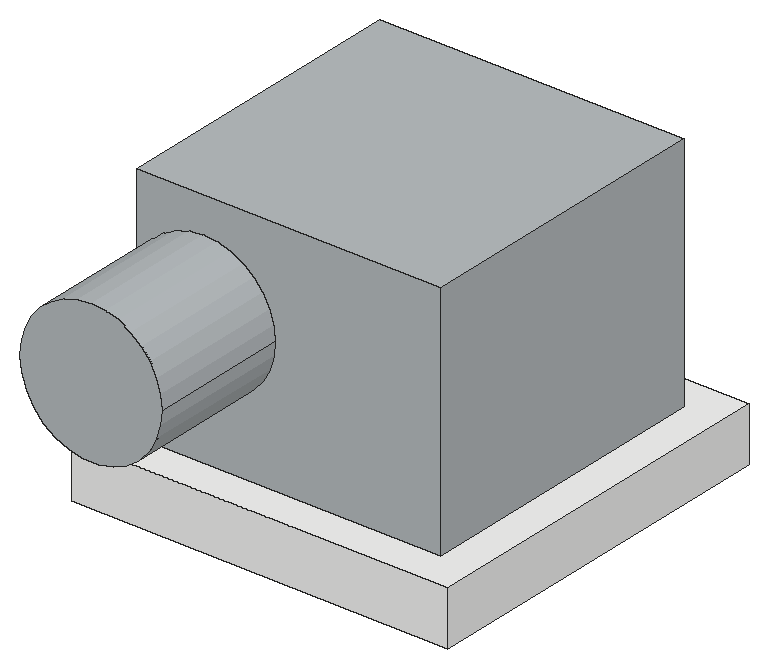
Revit family "vd-15_20zx(p)14-fp_60Hz", category 機械設備, Revit 2019
Family settings
  丸型コネクタ寸法 = 直径を使用
  パーツ タイプ = 標準
  OmniClass 番号 = 23.75.35.17.27
  OmniClass タイトル = Centrifugal Fans
  作業面ベース = いいえ
  常に垂直 = はい
  ロード時にボイドで切り取り = いいえ
  共有 = いいえ
  部屋計算ポイント = はい
Parameters (values of type "VD-20ZXP14-FP")
  騒音レベル(dB(A)) [instance] = 41.5
  風量 [instance] = 500.0 m³/h
  電源種別 [instance] = ""
  電圧 = 100 V
  電動機出力 = 0 W
  電動機_種別 [instance] = ""
  運転質量 = 0.00 kg
  連動 [instance] = ""
  質量 = if(製品質量 > 運転質量, 製品質量, 運転質量) * 1.2  # 7.08 kg
  負荷分類 = 3_ファン類
  説明 = "ダクト用換気扇 低騒音形 フラットインテリアタイプ"
  設計風量 [instance] = 0.0 m³/h
  設置方法 = "天埋"
  記号 [instance] = ""
  製造元 = "三菱電機株式会社"
  製品質量 = 5.90 kg
  製品出荷対象 = "国内"
  製品リリース年月 = "2024年6月3日"
  製品グループ = ""
  系統 [instance] = ""
  符号 [instance] = if(☑給気／□排気, "FS", "FE")  # "FE"
  積算_科目 = "2 換気設備"
  積算_拾い区分 [instance] = ""
  相 = 1
  盤記号 [instance] = ""
  発停方法 [instance] = ""
  特殊仕様 [instance] = ""
  火災停止 [instance] = ""
  消費電力 = 64.5 W
  法定耐用年数 = "15"
  機外静圧 [instance] = 0.0 Pa
  極数 = 2
  材質 [instance] = ""
  操作・制御方式 = ""
  操作・制御スイッチ = ""
  排気量 [instance] = if(☑給気／□排気, 0.0 m³/h, 設計風量)  # 0.0 m³/h
  形式 = "天井埋込ダクト形"
  幹線記号 [instance] = ""
  対象室 [instance] = ""
  実風量 [instance] = 0.0 m³/h
  始動方式 [instance] = "直入"
  外気量 [instance] = if(☑給気／□排気, 設計風量, 0.0 m³/h)  # 0.0 m³/h
  呼称 = "天井扇"
  周波数 = 60 Hz
  参照している仕様書等のバージョン = ""
  分類コード = "50052503100030"
  分類グループ = ""
  価格 = 66000
  企業コード = "108420"
  付属品_防振装置 = ""
  付属品 [instance] = ""
  仕様書バージョン = "Version1.0"
  モデル = "VD-20ZXP14-FP"
  マテリアル = 鋼板
  ファンの種類 = ""
  ダクト径 = 150 mm
  コメント [instance] = ""
  Keynote = ""
  カバーマテリアル = 合成樹脂(白)
  ☑給気／□排気 [instance] = no
  Width = 307 mm
  W1 = 380 mm
  Version = ""
  Uniclass2015Version = "Systems v1.9"
  Uniclass2015Title = "Centrifugal fans"
  Uniclass2015Code = "Pr_65_67_29_12"
  URL = "https://www.mitsubishielectric.co.jp/ldg/wink/qr/002/333536/"
  SpecificationReference = ""
  SpecificationDescription = ""
  Revision = ""
  ProductInformation = ""
  OmniClassCode = "23-33 31 19 11 15"
  MIN風量 = 380.0 m³/h
  MIN静圧 = 0.0 Pa
  MID風量 = 0.0 m³/h
  MID静圧 = 0.0 Pa
  MAX風量 = 500.0 m³/h
  MAX静圧 = 0.0 Pa
  IfcTypeProduct = ""
  IfcProduct = ""
  IfcExportType = "PROPELLORAXIAL"
  IfcExportAs = "IfcFanType"
  Height = 243 mm
  H1 = 55 mm
  EAサイズ_D = 144 mm
  Duct_Height = 135 mm
  Duct_Depth = 142 mm
  Duct_Center = 86 mm
  Depth = 307 mm
  D1 = 380 mm
  Author = "三菱電機株式会社"
Types (6, lengths in mm): name | 騒音レベル(dB(A)) | 風量 | 質量 | 製品質量 | 消費電力 | 価格 | モデル | ダクト径 | Width | W1 | URL | MIN風量 | MAX風量 | Height | H1 | EAサイズ_D | Duct_Height | Duct_Depth | Duct_Center | Depth | D1
  VD-15ZX14-FP | 26 | 155.0 m³/h | 4.56 kg | 3.80 kg | 14 W | 33100 | "VD-15ZX14-FP" | 100 | 251 | 330 | "https://www.mitsubishielectric.co.jp/ldg/wink/qr/002/333636/" | 0.0 m³/h | 155.0 m³/h | 204 | 46 | 98 | 111 | 114 | 0 | 251 | 330
  VD-15ZXP14-FP | 33 | 210.0 m³/h | 4.56 kg | 3.80 kg | 22.5 W | 38900 | "VD-15ZXP14-FP" | 100 | 251 | 330 | "https://www.mitsubishielectric.co.jp/ldg/wink/qr/002/333638/" | 0.0 m³/h | 210.0 m³/h | 204 | 46 | 98 | 111 | 114 | 0 | 251 | 330
  VD-18ZX14-FP | 30 | 300.0 m³/h | 5.88 kg | 4.90 kg | 28.5 W | 47700 | "VD-18ZX14-FP" | 150 | 270 | 330 | "https://www.mitsubishielectric.co.jp/ldg/wink/qr/002/333665/" | 0.0 m³/h | 300.0 m³/h | 243 | 46 | 144 | 135 | 142 | 67 | 270 | 330
  VD-18ZXP14-FP | 33 | 350.0 m³/h | 6.72 kg | 5.60 kg | 40 W | 51500 | "VD-18ZXP14-FP" | 150 | 307 | 380 | "https://www.mitsubishielectric.co.jp/ldg/wink/qr/002/333508/" | 0.0 m³/h | 350.0 m³/h | 243 | 55 | 144 | 135 | 142 | 86 | 307 | 380
  VD-20ZX14-FP | 35.5 | 400.0 m³/h | 6.72 kg | 5.60 kg | 48 W | 58100 | "VD-20ZX14-FP" | 150 | 307 | 380 | "https://www.mitsubishielectric.co.jp/ldg/wink/qr/002/333533/" | 0.0 m³/h | 400.0 m³/h | 243 | 55 | 144 | 135 | 142 | 86 | 307 | 380
  VD-20ZXP14-FP | 41.5 | 500.0 m³/h | 7.08 kg | 5.90 kg | 64.5 W | 66000 | "VD-20ZXP14-FP" | 150 | 307 | 380 | "https://www.mitsubishielectric.co.jp/ldg/wink/qr/002/333536/" | 380.0 m³/h | 500.0 m³/h | 243 | 55 | 144 | 135 | 142 | 86 | 307 | 380
Reference planes
  plane 1 "中心(正面/背面)": y = 0
  plane 2: z = 0
  plane 3 "中心(左/右)": x = 0
  plane 4: x = -190
  plane 5: x = 190
  plane 6: y = 190
  plane 7: y = -190
  plane 8: x = -153.5
  plane 9: x = 153.5
  plane 10: y = 153.5
  plane 11: y = -153.5
  plane 12: y = -295.5
  plane 13: z = 243
  plane 14: z = -55
  plane 15: z = 135
  plane 16: x = -86
Forms (mm)
  Extrusion 1, solid, material "鋼板" <- "マテリアル", detail levels fine
    sketch origin (0, 0, 0) x (1, 0, 0) y (0, 1, 0)
      loop
        line (-153.5, 153.5) -> (-153.5, -153.5) -> (153.5, -153.5) -> (153.5, 153.5) -> (-153.5, 153.5)
    from 0 to 243
  Extrusion 2, solid, material "合成樹脂(白)" <- "カバーマテリアル", detail levels fine
    sketch origin (0, 0, 0) x (1, 0, 0) y (0, 1, 0)
      loop
        line (-190, 190) -> (-190, -190) -> (190, -190) -> (190, 190) -> (-190, 190)
    from 0 to -55
  Extrusion 3, solid, material "鋼板" <- "マテリアル", detail levels fine
    sketch origin (0, 0, 0) x (1, 0, 0) y (0, 0, 1)
      loop
        circle (-86, 135) r 72
    from 153.5 to 295.5
Dimensions and locks
  equal spacing: plane 4, plane 3 "中心(左/右)", plane 5
  "W1": plane 4 to plane 5
  equal spacing: plane 6, plane 1 "中心(正面/背面)", plane 7
  "D1": plane 6 to plane 7
  equal spacing: plane 8, plane 3 "中心(左/右)", plane 9
  "Width": plane 8 to plane 9
  equal spacing: plane 10, plane 1 "中心(正面/背面)", plane 11
  "Depth": plane 10 to plane 11
  "Duct_Depth": plane 11 to plane 12
  "Height": plane 13 to plane 2
  "Duct_Height": plane 15 to plane 2
  "H1": plane 2 to plane 14
  "Duct_Center": plane 3 "中心(左/右)" to plane 16
  "EAサイズ_D": diameter of Extrusion 3 sketch curve
  aligned and locked: level to plane 2
  aligned and locked: plane 5 to Extrusion 2
  aligned and locked: plane 6 to Extrusion 2
  aligned and locked: Extrusion 2 to plane 4
  aligned and locked: Extrusion 2 to plane 7
  aligned and locked: plane 9 to Extrusion 1
  aligned and locked: Extrusion 1 to plane 11
  aligned and locked: Extrusion 1 to plane 8
  aligned and locked: plane 10 to Extrusion 1
  aligned and locked: plane 13 to Extrusion 1
  aligned and locked: Extrusion 2 to plane 14
  aligned and locked: level to Extrusion 2
  aligned and locked: Extrusion 1 to level
  aligned and locked: Extrusion 3 to plane 12
  aligned and locked: plane 11 to Extrusion 3
Automatic sketch dimensions
  Extrusion 1 sketch curve to plane 3 "中心(左/右)" = 153.5 mm
  plane 3 "中心(左/右)" to Extrusion 1 sketch curve = 153.5 mm
  Extrusion 2 sketch curve to plane 3 "中心(左/右)" = 190 mm
  plane 3 "中心(左/右)" to Extrusion 2 sketch curve = 190 mm
  plane 1 "中心(正面/背面)" to Extrusion 1 sketch curve = 153.5 mm
  Extrusion 1 sketch curve to plane 1 "中心(正面/背面)" = 153.5 mm
  plane 1 "中心(正面/背面)" to Extrusion 2 sketch curve = 190 mm
  Extrusion 2 sketch curve to plane 1 "中心(正面/背面)" = 190 mm
  Extrusion 3 sketch curve to plane 15 = 0 mm
  Extrusion 3 sketch curve to plane 16 = 0 mm
Nested families
  nested 1: "記号_天井換気扇_平面" at (0, 0, 0), type "記号_天井換気扇_平面", detail levels coarse+medium
Connectors
  hvac at (-86, -295.5, 135), driven by "ダクト径", driven by "風量", driven by "機外静圧"
    settings: on Extrusion 3, index 1, duct flow 500.0 m³/h, flow factor 0, pres drop 0.0 Pa, loss coef 0, conn angle 0.00°, conn width 304.8 mm, conn height 304.8 mm, conn diameter 150 mm, duct sys type 3, conn prof type 0, flow config 0, flow direction 2, loss method 4, conn ref index -1, conn util no, is conn primary yes, conn desc ""
  electrical at (0, 0, 243), driven by "極数", driven by "負荷分類", driven by "電圧", driven by "消費電力"
    settings: on Extrusion 1, index 2, voltage 100 V, apparent load 64.5 VA, apparent load phase1 0 VA, apparent load phase2 0 VA, apparent load phase3 0 VA, power factor 1, load classification "3_ファン類", number of poles 2, system type 30, power factor state 1, is connector primary yes, connector utility no, sub classification motor no, connector description ""
Definition of nested family "記号_天井換気扇_平面"
  Reference planes
    plane 1: y = 0
    plane 2: x = 0
  Lines and regions (mm)
    detail lines
      curve 1: line (-2.5, 2.5, 0) -> (2.5, 2.5, 0)
      curve 2: line (-2.5, -2.5, 0) -> (-2.5, 2.5, 0)
      curve 3: line (2.5, -2.5, 0) -> (-2.5, -2.5, 0)
      curve 4: line (2.5, 2.5, 0) -> (2.5, -2.5, 0)
      curve 5: circle (-1.04, -1.04, 0) r 1.46 normal (0, 0, 1)
      curve 6: circle (1.04, 1.04, 0) r 1.46 normal (0, 0, 1)
      curve 7: line (-3.125, 3.125, 0) -> (3.125, 3.125, 0)
      curve 8: line (-3.125, -3.125, 0) -> (-3.125, 3.125, 0)
      curve 9: line (3.125, -3.125, 0) -> (-3.125, -3.125, 0)
      curve 10: line (3.125, 3.125, 0) -> (3.125, -3.125, 0)
      curve 11: circle (1.295, 1.295, 0) r 1.83 normal (0, 0, 1)
      curve 12: circle (-1.295, -1.295, 0) r 1.83 normal (0, 0, 1)
      curve 13: line (-2, 2, 0) -> (2, 2, 0)
      curve 14: line (-2, -2, 0) -> (-2, 2, 0)
      curve 15: line (2, -2, 0) -> (-2, -2, 0)
      curve 16: line (2, 2, 0) -> (2, -2, 0)
      curve 17: circle (0.84, 0.84, 0) r 1.16 normal (0, 0, 1)
      curve 18: circle (-0.84, -0.84, 0) r 1.2 normal (0, 0, 1)
